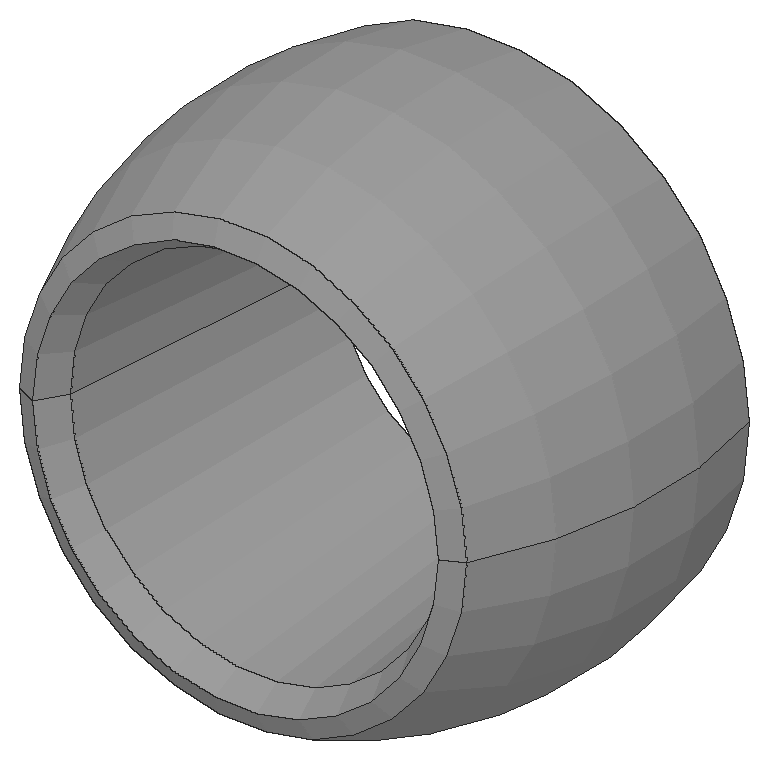
Revit family "VK466", category Sprinklers, Revit 2012
Parameters
  URL = "http://www.vikinggroupinc.com/databook/sprinklers/residential/091406"
  Model = "VK466"
  Manufacturer = "Viking"
  K-Factor = 5.2
Reference planes (in)
  plane 1 "Center (Front/Back)": y = 0
  plane 2: z = 0
  plane 3 "Center (Left/Right)": x = 0
  plane 4 "Threads": y = -0.55004
Forms (in)
  Revolve 1, solid, material "Default"
    sketch origin (0, 0, 0) x (1, 0, 0) y (0, 1, 0)
      loop
        arc (-0.4047, -0.41965) -> (-0.42664, -0.67089) -> (-0.3529, -0.91207) r 0.66109
        line (-0.3529, -0.91207) -> (-0.32072, -0.92707) -> (-0.29585, -0.884) -> (-0.24704, -0.41965) -> (-0.4047, -0.41965)
      axis (0, -0.41965) -> (0, -0.92707)
    angle from 0 to 360
Dimensions and locks (in)
  aligned and locked: plane 2 to level
Connectors (in)
  piping at (0, -0.55004, 0)
    settings: index 1, connector radius 1", flow factor 0, pipe flow 0 GPM, pressure drop 0.00 psi, fitting loss kfactor 0, connector angle 0.00°, fixture units 0, engagement length 0' - 0", flow configuration 0, flow direction 0, fitting loss method 0, system type 7, joint type 0, gender type 0, connector reference index -1, connector utility 0, adjustable connector no, is connector primary yes, fitting loss table "", connector description ""
